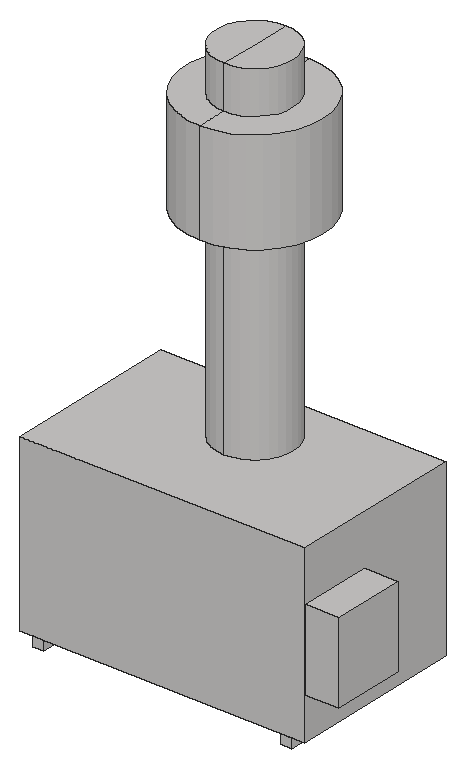
Revit family "DC_Rheem_PLM_Raypak_B0972HWT", category Plumbing Fixtures, host Face, Revit 2017
Family settings
  Host = Face
  Round Connector Dimension = Use Radius
  Part Type = Normal
  Cut with Voids When Loaded = No
  Shared = No
  Room Calculation Point = No
Parameters (values of type "Raypak - Gas Water Heater- Outdoor - 933 MJ/h  Propane gas, On/Off gas control")
  Width_ANZRS = 825 mm
  URL = "http://www.rheem.com.au/CommercialProducts"
  Type Comments = "Recovery 3526L/h @ 50oC rise"
  PRVRadius_ANZRS = 7.5 mm
  PRVDiameter_ANZRS = PRVRadius_ANZRS * 2  # 15 mm
  Model = "B0976PCO/HWT"
  Materials_ANZRS = Raypak - Grey Powder Coated Steel
  Manufacturer = "Raypak"
  Length_ANZRS = 1330 mm
  HotWaterPipeRadius_ANZRS = 32.5 mm
  HotWaterPipeDiameter_ANZRS = HotWaterPipeRadius_ANZRS * 2  # 65 mm
  Height_ANZRS = 2500 mm
  GasInletHeight_ANZRS = 410 mm
  GasInletRadius_ANZRS = 16 mm
  GasInletDiameter_ANZRS = GasInletRadius_ANZRS * 2  # 32 mm
  DesignBy_ANZRS = "Design Content ©"  # constant formula
  Description = "Raypak - Gas Water Heater- Outdoor - 976 MJ/h  Natural gas, modulating gas control"
  Default Elevation = 0 mm  # constant formula
  ConnectorHeight_ANZRS = 755 mm
  ColdWaterPipeRadius_ANZRS = 32.5 mm
  ColdWaterPipeDiameter_ANZRS = ColdWaterPipeRadius_ANZRS * 2  # 65 mm
  BoxHeight_ANZRS = 860 mm
  Author_ANZRS = "DM"  # constant formula
Types (5, lengths in mm): name | URL | Type Comments | Model | GasInletRadius_ANZRS | GasInletDiameter_ANZRS
  (no name) | "http://www.rheem.com.au/downloads/PDF/Raypak_Mechanical_Heating_Brochure_July_09.pdf" | "Recovery 3784L/h @ 50oC rise" | "B0976NCO/HWT" | 20 | 40
  Raypak - Gas Water Heater- Outdoor - 976 MJ/h  Natural gas, modulating gas control | "http://www.rheem.com.au/CommercialProducts" | "Recovery 3784L/h @ 50oC rise" | "B0976NCM/HWT" | 20 | 40
  Raypak - Gas Water Heater- Outdoor - 976 MJ/h  Natural gas, On/Off gas control | "http://www.rheem.com.au/CommercialProducts" | "Recovery 3784L/h @ 50oC rise" | "B0976NCO/HWT" | 20 | 40
  Raypak - Gas Water Heater- Outdoor - 933 MJ/h  Propane gas, modulating gas control | "http://www.rheem.com.au/CommercialProducts" | "Recovery 3526L/h @ 50oC rise" | "B0976PCM/HWT" | 10 | 20
  Raypak - Gas Water Heater- Outdoor - 933 MJ/h  Propane gas, On/Off gas control | "http://www.rheem.com.au/CommercialProducts" | "Recovery 3526L/h @ 50oC rise" | "B0976PCO/HWT" | 16 | 32
Reference planes
  plane 1 "Center (Front/Back)": y = 0
  plane 2: z = 0
  plane 3 "Center (Left/Right)": x = 0
  plane 4: x = -665
  plane 5: x = 665
  plane 6: z = 2500
  plane 7: z = 245
  plane 8: z = 625
  plane 9: x = 825
  plane 10: z = 45
  plane 11: x = -605
  plane 12: x = -555
  plane 13: x = 605
  plane 14: x = 555
  plane 15: y = -320
  plane 16: z = 2300
  plane 17: z = 1820
  plane 18: z = 410
  plane 19: y = -410
  plane 20: y = -540
  plane 21: y = 285
  plane 22: z = 860
  plane 23: z = 755
  plane 24: y = 200
  plane 25: y = 130
  plane 26: y = -150
  plane 27: y = -180
  plane 28: y = -195
  plane 29: x = -715
  plane 30: x = -655
  plane 31: y = 320
  plane 32: y = 180
  plane 33: x = -320
  plane 34: x = 320
  plane 35: x = -180
  plane 36: x = 180
Forms (mm)
  Revolve 1, solid, material "Raypak - Grey Powder Coated Steel" <- "Materials_ANZRS"
    sketch origin (0, 0, 0) x (0, 1, 0) y (0, 0, 1)
      loop
        line (0, 2500) -> (-180, 2500) -> (-180, 2300) -> (-320, 2300) -> (-320, 1820) -> (-180, 1820) -> (-180, 860) -> (0, 860) -> (0, 2500)
      axis (0, 860) -> (0, 2500)
    angle from 0 to 360
  Extrusion 2, solid, material "Raypak - Grey Powder Coated Steel" <- "Materials_ANZRS"
    sketch origin (0, 0, 0) x (0, 1, 0) y (0, 0, 1)
      loop
        line (285, 860) -> (-540, 860) -> (-540, 45) -> (285, 45) -> (285, 860)
    from -665 to 665
  Extrusion 3, solid, material "Raypak - Grey Powder Coated Steel" <- "Materials_ANZRS"
    sketch origin (0, 0, 0) x (1, 0, 0) y (0, 0, 1)
      loop
        line (825, 625) -> (665, 625) -> (665, 245) -> (825, 245) -> (825, 625)
    from 195 to 540
  Extrusion 4, void
    sketch origin (0, 0, 0) x (0, 1, 0) y (0, 0, 1)
      loop
        circle (200, 755) r 7.5
      loop
        circle (130, 755) r 32.5
      loop
        circle (-150, 755) r 32.5
    from -665 to -655
  Extrusion 5, solid, material "Raypak - Grey Powder Coated Steel" <- "Materials_ANZRS"
    sketch origin (0, 0, 0) x (0, 1, 0) y (0, 0, 1)
      loop
        circle (-410, 410) r 16
    from -715 to -665
  Extrusion 6, solid, material "Raypak - Grey Powder Coated Steel" <- "Materials_ANZRS"
    sketch origin (0, 0, 0) x (1, 0, 0) y (0, 0, 1)
      loop
        line (-605, 0) -> (-555, 0) -> (-555, 45) -> (-605, 45) -> (-605, 0)
      loop
        line (605, 0) -> (605, 45) -> (555, 45) -> (555, 0) -> (605, 0)
    from -285 to 540
Cuts and joins
  Extrusion 4 cuts Extrusion 2
Lines and regions (mm)
  Masking region 1
    outline origin (0, 0, 0) x (0, 1, 0) y (0, 0, 1)
      loop
        line (-180, 2500) -> (-180, 2300) -> (-320, 2300) -> (-320, 1820) -> (-180, 1820) -> (-180, 860) -> (-540, 860) -> (-540, 0) -> (285, 0) -> (285, 860) -> (180, 860) -> (180, 1820) -> (320, 1820) -> (320, 2300) -> (180, 2300) -> (180, 2500) -> (-180, 2500)
  Masking region 2
    outline origin (0, 0, 0) x (1, 0, 0) y (0, 1, 0)
      loop
        line (-665, 285) -> (-665, -400) -> (-715, -400) -> (-715, -420) -> (-665, -420) -> (-665, -540) -> (825, -540) -> (825, -195) -> (665, -195) -> (665, 285) -> (145.516, 285)
        arc (145.516, 285) -> (74.833, 311.127) -> (0, 320) r 320
        arc (0, 320) -> (-74.833, 311.127) -> (-145.516, 285) r 320
        line (-145.516, 285) -> (-665, 285)
  Masking region 3
    outline origin (0, 0, 0) x (0, 1, 0) y (0, 0, 1)
      loop
        line (-180, 2500) -> (-180, 2300) -> (-320, 2300) -> (-320, 1820) -> (-180, 1820) -> (-180, 860) -> (-540, 860) -> (-540, 0) -> (285, 0) -> (285, 860) -> (180, 860) -> (180, 1820) -> (320, 1820) -> (320, 2300) -> (180, 2300) -> (180, 2500) -> (-180, 2500)
  Masking region 4
    outline origin (0, 0, 0) x (1, 0, 0) y (0, 0, 1)
      loop
        line (0, 2500) -> (-180, 2500) -> (-180, 2300) -> (-320, 2300) -> (-320, 1820) -> (-180, 1820) -> (-180, 860) -> (-665, 860) -> (-665, 420) -> (-715, 420) -> (-715, 400) -> (-665, 400) -> (-665, 45) -> (-605, 45) -> (-605, 0) -> (-555, 0) -> (-555, 45) -> (555, 45) -> (555, 0) -> (605, 0) -> (605, 45) -> (665, 45) -> (665, 245) -> (825, 245) -> (825, 625) -> (665, 625) -> (665, 860) -> (180, 860) -> (180, 1820) -> (320, 1820) -> (320, 2300) -> (180, 2300) -> (180, 2500) -> (0, 2500)
  symbolic lines, style "Emergency", detail levels fine
    curve 1: line (0, -180, 2500) -> (0, 180, 2500)
    curve 2: line (0, 180, 860) -> (0, 180, 1820)
    curve 3: line (0, -320, 2300) -> (0, 320, 2300)
    curve 4: line (0, 320, 1820) -> (0, 320, 2300)
    curve 5: line (0, -320, 1820) -> (0, 320, 1820)
    curve 6: line (0, -320, 1820) -> (0, -320, 2300)
    curve 7: line (0, 285, 860) -> (0, -540, 860)
    curve 8: line (0, 285, 45) -> (0, 285, 860)
    curve 9: line (0, 285, 0) -> (0, 285, 45)
    curve 10: line (0, 285, 0) -> (0, -540, 0)
    curve 11: line (0, -540, 45) -> (0, 285, 45)
    curve 12: line (0, -540, 45) -> (0, -540, 0)
    curve 13: line (0, -540, 860) -> (0, -540, 45)
    curve 14: arc (0, 207.5, 755) -> (0, 200, 762.5) -> (0, 192.5, 755) r 7.5
    curve 15: arc (0, 192.5, 755) -> (0, 200, 747.5) -> (0, 207.5, 755) r 7.5
    curve 16: arc (0, 162.5, 755) -> (0, 130, 787.5) -> (0, 97.5, 755) r 32.5
    curve 17: arc (0, 97.5, 755) -> (0, 130, 722.5) -> (0, 162.5, 755) r 32.5
    curve 18: arc (0, -117.5, 755) -> (0, -150, 787.5) -> (0, -182.5, 755) r 32.5
    curve 19: arc (0, -182.5, 755) -> (0, -150, 722.5) -> (0, -117.5, 755) r 32.5
    curve 20: arc (0, -426, 410) -> (0, -410, 394) -> (0, -394, 410) r 16
    curve 21: arc (0, -394, 410) -> (0, -410, 426) -> (0, -426, 410) r 16
    curve 22: line (0, 180, 2300) -> (0, 180, 2500)
    curve 23: line (0, -180, 860) -> (0, -180, 1820)
    curve 24: line (0, -180, 2300) -> (0, -180, 2500)
    curve 25: line (-180, 0, 2500) -> (180, 0, 2500)
    curve 26: line (180, 0, 860) -> (180, 0, 1820)
    curve 27: line (-320, 0, 2300) -> (320, 0, 2300)
    curve 28: line (320, 0, 1820) -> (320, 0, 2300)
    curve 29: line (-320, 0, 1820) -> (-320, 0, 2300)
    curve 30: line (-180, 0, 860) -> (-180, 0, 1820)
    curve 31: line (665, 0, 860) -> (-665, 0, 860)
    curve 32: line (-665, 0, 860) -> (-665, 0, 45)
    curve 33: line (-665, 0, 45) -> (665, 0, 45)
    curve 34: line (-605, 0, 45) -> (-605, 0, 0)
    curve 35: line (-605, 0, 0) -> (-555, 0, 0)
    curve 36: line (-555, 0, 0) -> (-555, 0, 45)
    curve 37: line (555, 0, 45) -> (555, 0, 0)
    curve 38: line (555, 0, 0) -> (605, 0, 0)
    curve 39: line (605, 0, 0) -> (605, 0, 45)
    curve 40: line (665, 0, 45) -> (665, 0, 860)
    curve 41: line (665, 0, 245) -> (825, 0, 245)
    curve 42: line (825, 0, 245) -> (825, 0, 625)
    curve 43: line (825, 0, 625) -> (665, 0, 625)
    curve 44: line (180, 0, 2300) -> (180, 0, 2500)
    curve 45: line (-320, 0, 1820) -> (320, 0, 1820)
    curve 46: line (-180, 0, 2500) -> (-180, 0, 2300)
    curve 47: line (-665, 285, 0) -> (-145.516, 285, 0)
    curve 48: line (-665, -540, 0) -> (-665, 285, 0)
    curve 49: line (665, -540, 0) -> (-665, -540, 0)
    curve 50: line (665, 285, 0) -> (665, -540, 0)
    curve 51: line (-715, -400, 0) -> (-665, -400, 0)
    curve 52: line (-715, -420, 0) -> (-715, -400, 0)
    curve 53: line (-665, -420, 0) -> (-715, -420, 0)
    curve 54: line (-665, -400, 0) -> (-665, -420, 0)
    curve 55: line (665, -195, 0) -> (825, -195, 0)
    curve 56: line (665, -540, 0) -> (665, -195, 0)
    curve 57: line (825, -540, 0) -> (665, -540, 0)
    curve 58: line (825, -195, 0) -> (825, -540, 0)
    curve 59: arc (0, -180, 0) -> (-180, 0, 0) -> (0, 180, 0) r 180
    curve 60: arc (0, 180, 0) -> (180, 0, 0) -> (0, -180, 0) r 180
    curve 61: arc (0, 320, 0) -> (320, 0, 0) -> (0, -320, 0) r 320
    curve 62: arc (0, -320, 0) -> (-320, 0, 0) -> (0, 320, 0) r 320
    curve 63: line (145.516, 285, 0) -> (665, 285, 0)
Dimensions and locks
  equal spacing: plane 5, plane 3 "Center (Left/Right)", plane 4
  "Length_ANZRS": plane 5 to plane 4
  "Height_ANZRS": plane 6 to level
  locked: plane 7 to level at 245
  locked: plane 8 to plane 7 at 380
  locked: plane 9 to plane 5 at 160
  locked: plane 10 to level at 45
  locked: plane 11 to plane 4 at 60
  locked: plane 12 to plane 11 at 50
  locked: plane 13 to plane 5 at 60
  locked: plane 14 to plane 13 at 50
  locked: plane 6 to plane 16 at 200
  locked: plane 16 to plane 17 at 480
  "GasInletHeight_ANZRS": plane 18 to level
  "Width_ANZRS": plane 21 to plane 20
  plane 19 to plane 20 = 130 mm
  "BoxHeight_ANZRS": plane 22 to level
  "ConnectorHeight_ANZRS": plane 23 to level
  plane 21 to plane 24 = 85 mm
  plane 21 to plane 25 = 155 mm
  locked: plane 1 "Center (Front/Back)" to plane 27 at 180
  plane 28 to plane 20 = 345 mm
  plane 25 to plane 26 = 280 mm
  locked: plane 4 to plane 29 at 50
  locked: plane 30 to plane 4 at 10
  plane 31 to plane 1 "Center (Front/Back)" to plane 15 = 320 mm locked, 320 mm locked
  locked: plane 32 to plane 1 "Center (Front/Back)" at 180
  plane 35 to plane 3 "Center (Left/Right)" to plane 36 = 180 mm locked, 180 mm locked
  plane 33 to plane 3 "Center (Left/Right)" to plane 34 = 320 mm locked, 320 mm locked
  plane 1 "Center (Front/Back)" to plane 20 = 540 mm
  "PRVRadius_ANZRS": radius of Extrusion 4 sketch curve
  "HotWaterPipeRadius_ANZRS": radius of Extrusion 4 sketch curve
  "ColdWaterPipeRadius_ANZRS": radius of Extrusion 4 sketch curve
  "GasInletRadius_ANZRS": radius of Extrusion 5 sketch curve
  aligned and locked: plane 2 to host face
  aligned and locked: level to host face
  aligned and locked: Revolve 1 sketch curve to plane 1 "Center (Front/Back)"
  aligned and locked: Revolve 1 sketch curve to plane 6
  aligned and locked: plane 27 to Revolve 1 sketch curve  (x2)
  aligned and locked: plane 15 to Revolve 1 sketch curve
  aligned and locked: Revolve 1 sketch curve to plane 16
  aligned and locked: plane 17 to Revolve 1 sketch curve
  aligned and locked: plane 22 to Revolve 1 sketch curve
  aligned and locked: plane 22 to Extrusion 2 sketch curve
  aligned and locked: plane 21 to Extrusion 2 sketch curve
  aligned and locked: Extrusion 2 sketch curve to plane 20
  aligned and locked: Extrusion 2 to plane 4
  aligned and locked: Extrusion 2 to plane 5
  aligned and locked: plane 8 to Extrusion 3 sketch curve
  aligned and locked: plane 9 to Extrusion 3 sketch curve
  aligned and locked: Extrusion 3 sketch curve to plane 7
  aligned and locked: plane 5 to Extrusion 3 sketch curve
  aligned and locked: Extrusion 3 to plane 20
  aligned and locked: Extrusion 3 to plane 28
  aligned and locked: plane 10 to Extrusion 2 sketch curve
  aligned and locked: plane 24 to Extrusion 4 sketch curve
  aligned and locked: plane 23 to Extrusion 4 sketch curve  (x3)
  aligned and locked: plane 25 to Extrusion 4 sketch curve
  aligned and locked: plane 26 to Extrusion 4 sketch curve
  aligned and locked: plane 18 to Extrusion 5 sketch curve
  aligned and locked: plane 19 to Extrusion 5 sketch curve
  aligned and locked: Extrusion 5 to plane 29
  aligned and locked: plane 4 to Extrusion 5
  aligned and locked: Extrusion 4 to plane 4
  aligned and locked: cut or joined group of Extrusion 2, Extrusion 4 to plane 30
  aligned and locked: Extrusion 6 sketch curve to level
  aligned and locked: Extrusion 6 sketch curve to plane 11
  aligned and locked: plane 10 to Extrusion 6 sketch curve
  aligned and locked: plane 12 to Extrusion 6 sketch curve
  aligned and locked: plane 13 to Extrusion 6 sketch curve
  aligned and locked: Extrusion 6 sketch curve to plane 10
  aligned and locked: Extrusion 6 sketch curve to plane 14
  aligned and locked: plane 21 to Extrusion 6
  aligned and locked: Extrusion 6 to plane 20
  aligned and locked: curve 1 to Revolve 1
  aligned and locked: curve 2 to plane 32
  aligned and locked: curve 3 to Revolve 1
  aligned and locked: curve 4 to plane 31
  aligned and locked: curve 5 to Revolve 1
  aligned and locked: plane 15 to curve 6
  aligned and locked: curve 7 to cut or joined group of Extrusion 2, Extrusion 4
  aligned and locked: curve 8 to cut or joined group of Extrusion 2, Extrusion 4
  aligned and locked: curve 9 to Extrusion 6
  aligned and locked: host face to curve 10
  aligned and locked: curve 11 to cut or joined group of Extrusion 2, Extrusion 4
  aligned and locked: curve 12 to Extrusion 6
  aligned and locked: curve 13 to cut or joined group of Extrusion 2, Extrusion 4
  aligned and locked: curve 20 to Extrusion 5
  aligned and locked: curve 21 to Extrusion 5  (x2)
  aligned and locked: curve 23 to plane 27
  aligned and locked: curve 24 to plane 27
  aligned and locked: Masking region 1 sketch curve to curve 1
  aligned and locked: Masking region 1 sketch curve to curve 22
  aligned and locked: Masking region 1 sketch curve to curve 3
  aligned and locked: Masking region 1 sketch curve to curve 4
  aligned and locked: Masking region 1 sketch curve to curve 5
  aligned and locked: Masking region 1 sketch curve to curve 2
  aligned and locked: Masking region 1 sketch curve to curve 7
  aligned and locked: Masking region 1 sketch curve to curve 8
  aligned and locked: Masking region 1 sketch curve to curve 10
  aligned and locked: Masking region 1 sketch curve to curve 13
  aligned and locked: Masking region 1 sketch curve to curve 23
  aligned and locked: Masking region 1 sketch curve to curve 6
  aligned and locked: Masking region 1 sketch curve to curve 24
  aligned and locked: curve 25 to Revolve 1
  aligned and locked: plane 36 to curve 26
  aligned and locked: curve 27 to Revolve 1
  aligned and locked: plane 34 to curve 28
  aligned and locked: curve 29 to plane 33
  aligned and locked: curve 30 to plane 35
  aligned and locked: curve 31 to cut or joined group of Extrusion 2, Extrusion 4
  aligned and locked: curve 32 to cut or joined group of Extrusion 2, Extrusion 4
  aligned and locked: curve 33 to cut or joined group of Extrusion 2, Extrusion 4
  aligned and locked: curve 34 to Extrusion 6
  aligned and locked: curve 35 to Extrusion 6
  aligned and locked: curve 36 to Extrusion 6
  aligned and locked: curve 37 to Extrusion 6
  aligned and locked: curve 38 to Extrusion 6
  aligned and locked: curve 39 to Extrusion 6
  aligned and locked: curve 40 to cut or joined group of Extrusion 2, Extrusion 4
  aligned and locked: curve 41 to Extrusion 3
  aligned and locked: curve 42 to Extrusion 3
  aligned and locked: curve 43 to Extrusion 3
  aligned and locked: curve 45 to Revolve 1
  aligned and locked: curve 47 to cut or joined group of Extrusion 2, Extrusion 4
  aligned and locked: curve 48 to cut or joined group of Extrusion 2, Extrusion 4
  aligned and locked: curve 49 to cut or joined group of Extrusion 2, Extrusion 4
  aligned and locked: curve 50 to cut or joined group of Extrusion 2, Extrusion 4
  aligned and locked: curve 55 to Extrusion 3
  aligned and locked: curve 56 to curve 50
  aligned and locked: curve 57 to Extrusion 3
  aligned and locked: curve 58 to Extrusion 3
  aligned and locked: curve 59 to Revolve 1
  aligned and locked: curve 60 to Revolve 1
  aligned and locked: curve 61 to Revolve 1
  aligned and locked: curve 62 to Revolve 1
  aligned and locked: Masking region 2 sketch curve to curve 47
  aligned and locked: Masking region 2 sketch curve to curve 63
  aligned and locked: Masking region 2 sketch curve to Revolve 1  (x2)
  aligned and locked: cut or joined group of Extrusion 2, Extrusion 4 to Masking region 2 sketch curve
  aligned and locked: Masking region 2 sketch curve to Extrusion 3  (x2)
  aligned and locked: Masking region 2 sketch curve to cut or joined group of Extrusion 2, Extrusion 4  (x2)
  aligned and locked: Masking region 2 sketch curve to curve 53
  aligned and locked: Masking region 2 sketch curve to curve 51
  aligned and locked: Extrusion 5 to Masking region 2 sketch curve
  aligned and locked: Masking region 3 sketch curve to Revolve 1  (x2)
  aligned and locked: Masking region 3 sketch curve to curve 22
  aligned and locked: Masking region 3 sketch curve to curve 4
  aligned and locked: Masking region 3 sketch curve to curve 2
  aligned and locked: Masking region 3 sketch curve to curve 23
  aligned and locked: Masking region 3 sketch curve to curve 6
  aligned and locked: Masking region 3 sketch curve to cut or joined group of Extrusion 2, Extrusion 4  (x3)
  aligned and locked: Masking region 3 sketch curve to Extrusion 6
  aligned and locked: Masking region 3 sketch curve to curve 24
  aligned and locked: Masking region 4 sketch curve to Revolve 1  (x3)
  aligned and locked: Masking region 4 sketch curve to curve 46
  aligned and locked: Masking region 4 sketch curve to curve 44
  aligned and locked: Masking region 4 sketch curve to curve 28
  aligned and locked: Masking region 4 sketch curve to curve 29
  aligned and locked: Revolve 1 to Masking region 4 sketch curve  (x2)
  aligned and locked: Masking region 4 sketch curve to curve 26
  aligned and locked: Masking region 4 sketch curve to curve 30
  aligned and locked: Masking region 4 sketch curve to cut or joined group of Extrusion 2, Extrusion 4  (x4)
  aligned and locked: Masking region 4 sketch curve to Extrusion 6  (x6)
  aligned and locked: Masking region 4 sketch curve to Extrusion 3  (x3)
  aligned and locked: curve 17 to cut or joined group of Extrusion 2, Extrusion 4
  aligned and locked: curve 15 to cut or joined group of Extrusion 2, Extrusion 4
  aligned and locked: curve 19 to cut or joined group of Extrusion 2, Extrusion 4
Automatic sketch dimensions
  host sketch curve to host sketch curve = 2438.4 mm  (x2)
  Revolve 1 sketch curve to plane 1 "Center (Front/Back)" = 0 mm
  plane 6 to Revolve 1 sketch curve = 380 mm
  Revolve 1 sketch curve to Revolve 1 sketch curve = 420 mm
  Extrusion 6 sketch curve to level = 0 mm  (x2)
  curve 12 to plane 10 = 0 mm
  curve 12 to plane 20 = 0 mm
  curve 24 to plane 16 = 0 mm
  curve 19 to plane 23 = 0 mm
  curve 19 to plane 26 = 0 mm
  curve 17 to plane 23 = 0 mm
  curve 17 to plane 25 = 0 mm
  curve 22 to plane 6 = 0 mm
  curve 22 to plane 32 = 0 mm
  curve 14 to plane 23 = 0 mm
  curve 15 to plane 24 = 0 mm
  curve 8 to plane 21 = 0 mm
  curve 9 to level = 0 mm
  curve 23 to plane 22 = 0 mm
  curve 5 to plane 17 = 0 mm
  curve 19 to curve 18 = 32.5 mm
  plane 25 to curve 17 = 32.5 mm
  curve 14 to curve 14 = 7.5 mm
  Masking region 1 sketch curve to plane 16 = 0 mm
  Masking region 1 sketch curve to plane 17 = 0 mm
  Masking region 1 sketch curve to plane 22 = 0 mm
  curve 33 to plane 4 = 0 mm
  curve 34 to plane 10 = 0 mm
  curve 34 to plane 11 = 0 mm
  curve 36 to plane 12 = 0 mm
  curve 25 to plane 6 = 0 mm
  plane 35 to curve 46 = 0 mm
  curve 44 to plane 36 = 0 mm
  plane 14 to curve 37 = 0 mm
  curve 38 to level = 0 mm
  plane 13 to curve 38 = 0 mm
  plane 5 to curve 40 = 0 mm
  curve 42 to plane 7 = 0 mm
  curve 42 to plane 9 = 0 mm
  curve 36 to level = 0 mm
  curve 43 to plane 8 = 0 mm
  curve 31 to plane 22 = 0 mm
  curve 26 to plane 17 = 0 mm
  curve 27 to plane 16 = 0 mm
  curve 53 to plane 29 = 0 mm
  curve 53 to plane 4 = 0 mm
  plane 19 to curve 54 = 10 mm
  curve 51 to plane 19 = 10 mm
  plane 3 "Center (Left/Right)" to curve 63 = 145.516 mm
  curve 63 to plane 21 = 0 mm
  curve 47 to plane 35 = 34.484 mm
  Masking region 2 sketch curve to plane 4 = 0 mm
  Masking region 3 sketch curve to plane 22 = 0 mm
  Masking region 3 sketch curve to plane 17 = 0 mm
  Masking region 3 sketch curve to plane 16 = 0 mm  (x2)
  Masking region 4 sketch curve to plane 29 = 0 mm
  Masking region 4 sketch curve to plane 3 "Center (Left/Right)" = 0 mm
  plane 5 to Masking region 4 sketch curve = 0 mm
  Masking region 4 sketch curve to plane 10 = 0 mm  (x2)
  Masking region 4 sketch curve to plane 22 = 0 mm
  Masking region 4 sketch curve to Masking region 4 sketch curve = 0 mm
  plane 18 to Masking region 4 sketch curve = 10 mm
  Masking region 4 sketch curve to plane 18 = 10 mm
Connectors
  piping at (-715, -410, 410), diameter 32, driven by "GasInletRadius_ANZRS"
    settings: on Extrusion 5, index 1, connector inside diameter 1.5748", connector length 0 mm, flow factor 0, pipe flow 0 GPM, pressure drop 0.00 psi, fitting loss kfactor 0, connector angle 0.00°, fixture units 0, engagement length 0 mm, angle of deflection 0.00°, flow configuration 0, flow direction 0, fitting loss method 0, system type 22, joint type 0, gender type 0, connector reference index -1, connector utility 0, adjustable connector no, is connector primary yes, connector description ""
  piping at (-665, -150, 755), diameter 65, driven by "ColdWaterPipeRadius_ANZRS"
    settings: on cut or joined group of Extrusion 2, Extrusion 4, index 2, connector inside diameter 2.55906", connector length 0 mm, flow factor 0, pipe flow 0 GPM, pressure drop 0.00 psi, fitting loss kfactor 0, connector angle 0.00°, fixture units 0, engagement length 0 mm, angle of deflection 0.00°, flow configuration 0, flow direction 0, fitting loss method 0, system type 20, joint type 0, gender type 0, connector reference index -1, connector utility 0, adjustable connector no, is connector primary no, connector description ""
  piping at (-665, 130, 755), diameter 65, driven by "HotWaterPipeRadius_ANZRS"
    settings: on cut or joined group of Extrusion 2, Extrusion 4, index 3, connector inside diameter 2.55906", connector length 0 mm, flow factor 0, pipe flow 0 GPM, pressure drop 0.00 psi, fitting loss kfactor 0, connector angle 0.00°, fixture units 0, engagement length 0 mm, angle of deflection 0.00°, flow configuration 0, flow direction 0, fitting loss method 0, system type 19, joint type 0, gender type 0, connector reference index -1, connector utility 0, adjustable connector no, is connector primary no, connector description ""
  piping at (-665, 200, 755), diameter 15, driven by "PRVRadius_ANZRS"
    settings: on cut or joined group of Extrusion 2, Extrusion 4, index 4, connector inside diameter 0.59055", connector length 0 mm, flow factor 0, pipe flow 0 GPM, pressure drop 0.00 psi, fitting loss kfactor 0, connector angle 0.00°, fixture units 0, engagement length 0 mm, angle of deflection 0.00°, flow configuration 0, flow direction 0, fitting loss method 0, system type 22, joint type 0, gender type 0, connector reference index -1, connector utility 0, adjustable connector no, is connector primary no, connector description ""
